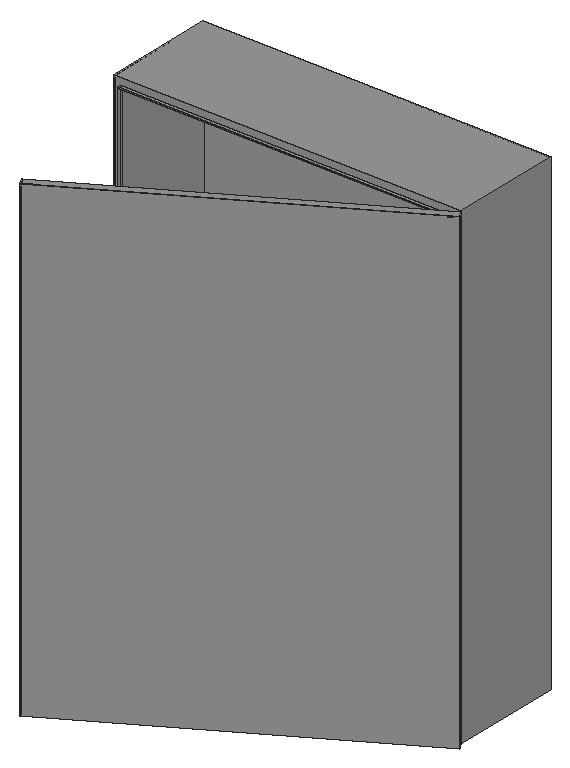
Revit family "Hager-Univers-IP55-D275-H1100-Cl.II-Steel_encl-NoHosted-AT-de", category Equipement électrique, Revit 2020
Family settings
  Configuration du panneau = Deux colonnes, circuits au sein
  Cote de connecteur circulaire = Utiliser le diamètre
  Type d'élément = Tableau de raccordement
  Basée sur le plan de construction = Oui
  Toujours verticalement = Oui
  Couper avec des vides une fois chargée = Non
  Partagée = Non
  Point de calcul de pièce = Non
Parameters (values of type "Aufputz IP55 B800 H1100 T275  - FR73S")
  Width Control [instance] = if([EF000008 - Breite] > Min Width, [EF000008 - Breite], Min Width)  # 800 mm
  Commentaires du type = [HG000003 - Bereich]  # "Univers"
  Thickness Door [instance] = if([EF009171 - Materialstärke Tür/Deckel] > 3 mm, 3 mm, [EF009171 - Materialstärke Tür/Deckel])  # 1.5 mm
  Seal Frame Offset [instance] = 17 mm  # constant formula
  Plinth Visibility [instance] = [HG000027 - Sockelhöhe] > 0 mm  # no
  Min Width [instance] = 100 mm  # constant formula
  Min Depth [instance] = (2 * [EF009170 - Materialstärke Gehäuse]) + 1 mm  # 4 mm
  Min Height [instance] = 100 mm  # constant formula
  Internal Frame Depth [instance] = (Door System Depth * 0.5)  # 9 mm
  Panel Name [instance] = ""  # (empty or 0)
  Model = ""
  HG000027 - Sockelhöhe = 0 mm
  HG000026 - Stehend auf dem Boden = no
  HG000024 - Höhe des unteren Teils = 600 mm
  HG000023 - Gehäuse mit doppeltem Querschnitt = no
  HG000016 - 3D-Türsichtbarkeit [instance] = yes
  HG000015 - Sichtbarkeit der Türöffnung [instance] = no
  HG000014 - Tür rechts [instance] = yes
  HG000013 - Tür links [instance] = not([HG000014 - Tür rechts])  # no
  HG000012 - Türschwenkwinkel [instance] = 30.00°
  HG000010 - Asymmetrische Türen = no
  HG000009 - Doppelflügeligen Tür = no
  HG000006 - Unterputz = no
  HG000004 - Herstellerreferenz = "FR73S"
  HG000003 - Bereich = "Univers"
  HG000002 - Mit tür = yes
  Frame Offset Bottom [instance] = 10 mm  # constant formula
  Frame Offset [instance] = 15 mm  # constant formula
  EF015940 - Deckel mit Überdruckentlastung = no
  EF011959 - Schutzart (NEMA) = ""
  EF009554 - Anzahl der Öffnungen für Flanschplatten = 6
  EF009212 - Ausführung Deckel = "EV000116 - geschlossen"
  EF009171 - Materialstärke Tür/Deckel = 1.5 mm
  EF009170 - Materialstärke Gehäuse = 1.5 mm
  EF008873 - Nennstrom (In) = 800 A
  EF007800 - Geeignet für Blitzschutz = no
  EF006306 - Mit Schloss = no
  EF006244 - Transparenter Deckel/Tür = no
  EF005474 - Schutzart (IP) = "EV006420 - IP55"
  EF004464 - Art der Tür = "EV002646 - Einzel"
  EF004427 - Anzahl der Module = 252
  EF004293 - Schlagfestigkeit = "EV008784 - IK10"
  EF003532 - Geeignet für Außengebrauch = no
  EF002950 - Breite in Teilungseinheiten = 24
  EF001613 - Funktionserhalt = "EV000494 - ohne"
  EF001596 - Werkstoff des Gehäuses = "EV000179 - Stahl"
  EF001131 - Innentiefe = 275 mm
  EF001088 - Anbaumöglichkeit = yes
  EF000437 - Anzahl der Leitungseinführungen = 6
  EF000339 - Art der Abdeckung = "EV004216 - Tür"
  EF000266 - Anzahl der Reihen = 7
  EF000218 - Einbautiefe = 0 mm
  EF000118 - Mit Montageplatte = no
  EF000116 - RAL-Nummer = "7035"
  EF000049 - Tiefe = 275 mm
  EF000040 - Höhe = 1100 mm
  EF000008 - Breite = 800 mm
  EF000007 - Farbe = "EV000270 - grau"
  EF000003 - Montageart = "EV000384 - Aufputz"
  Door System Leaf Tolerance [instance] = 1.5 mm  # constant formula
  Door System Depth [instance] = 18 mm  # constant formula
  Door Height [instance] = Height Control - [HG000027 - Sockelhöhe]  # 1100 mm
  Description = ""
  Default Elevation = 1219.2 mm
  Connector Offset [instance] = Height Control / 2  # 550 mm
  Fabricant = "Hager"  # constant formula
  Height Control [instance] = if([EF000040 - Höhe] > Min Height, [EF000040 - Höhe], Min Height)  # 1100 mm
  Depth Control [instance] = if([EF000049 - Tiefe] > Min Depth, [EF000049 - Tiefe], Min Depth)  # 275 mm
  Bottom Top Plate Trim [instance] = 1.5 mm  # constant formula
  Plinth height Ctrl [instance] = if([HG000027 - Sockelhöhe] > 0 mm, [HG000027 - Sockelhöhe], 12 mm)  # 12 mm
Types (5, lengths in mm): name | Width Control | HG000010 - Asymmetrische Türen | HG000009 - Doppelflügeligen Tür | HG000004 - Herstellerreferenz | EF009554 - Anzahl der Öffnungen für Flanschplatten | EF004464 - Art der Tür | EF004427 - Anzahl der Module | EF000437 - Anzahl der Leitungseinführungen | EF000008 - Breite
  Aufputz IP55 B1050 H1100 T275  - FR74S | 1050 | no | yes | "FR74S" | 8 | "EV003602 - Doppel" | 336 | 8 | 1050
  Aufputz IP55 B1300 H1100 T275  - FR75S | 1300 | yes | yes | "FR75S" | 10 | "EV003602 - Doppel" | 420 | 10 | 1300
  Aufputz IP55 B300 H1100 T275  - FR71S | 300 | no | no | "FR71S" | 2 | "EV002646 - Einzel" | 84 | 2 | 300
  Aufputz IP55 B550 H1100 T275  - FR72S | 550 | no | no | "FR72S" | 4 | "EV002646 - Einzel" | 168 | 4 | 550
  Aufputz IP55 B800 H1100 T275  - FR73S | 800 | no | no | "FR73S" | 6 | "EV002646 - Einzel" | 252 | 6 | 800
Reference planes
  plane 1 "Center (Front/Back)": y = 0
  plane 2: z = 0
  plane 3 "Center (Left/Right)": x = 0
  plane 4: y = 0
  plane 5: y = 0
  plane 6: z = 0
  plane 7: x = -400
  plane 8: x = 400
  plane 9: x = 398.5
  plane 10: x = -398.5
  plane 11: z = 0
  plane 12: z = 1.5
  plane 13: y = -275
  plane 14: y = -1.5
  plane 15: x = 0
  plane 16: y = -257
  plane 17: y = -273.5
  plane 18: y = -255.5
  plane 19: x = -383.5
  plane 20: x = 383.5
  plane 21: z = 11.5
  plane 22: x = -383
  plane 23: x = 383
  plane 24: z = 0
  plane 25: z = 1100
  plane 26: z = 1100
  plane 27: z = 1083.5
  plane 28: z = 1098.5
Forms (mm)
  Extrusion 1, solid, material "Hager_Steel_RAL7035_Light_Grey", detail levels medium+fine
    sketch origin (-208.679, -4572, 0) x (-1, 0, 0) y (0, -1, 0)
      loop
        line (191.321, -4315) -> (-608.679, -4315) -> (-608.679, -4572) -> (191.321, -4572) -> (191.321, -4315)
    from 0 to 1100
  Extrusion 2, void
    sketch origin (-350.771, -275, 1219.2) x (1, 0, 0) y (0, 0, 1)
      loop
        line (-47.729, -120.7) -> (-47.729, -1217.7) -> (749.271, -1217.7) -> (749.271, -120.7) -> (-47.729, -120.7)
    from -19.5 to -273.5
  Extrusion 3, void
    sketch origin (-290.084, -257, 1219.2) x (1, 0, 0) y (0, 0, 1)
      loop
        line (-93.416, -1207.7) -> (673.584, -1207.7) -> (673.584, -135.7) -> (-93.416, -135.7) -> (-93.416, -1207.7)
    from 0 to -1.5
  Extrusion 4, solid, material "Hager_Steel_RAL7035_Light_Grey", visible <- "Plinth Visibility", detail levels medium+fine
    sketch origin (0, 0, 0) x (1, 0, 0) y (0, 1, 0)
      loop
        line (-400, 0) -> (-400, -257) -> (400, -257) -> (400, 0) -> (-400, 0)
    from 0 to 12 <- "Plinth height Ctrl"
  Extrusion 5, solid, material "Hager_Steel_RAL7035_Light_Grey", detail levels coarse
    sketch origin (0, 0, 0) x (1, 0, 0) y (0, 1, 0)
      loop
        line (-400, 0) -> (-400, -275) -> (400, -275) -> (400, 0) -> (-400, 0)
    from 0 to 1100 <- "Height Control"
  Sweep 6, void
    path in 3D
      loop
        line (-400, -257, 12) -> (400, -257, 12) -> (400, 0, 12) -> (-400, 0, 12) -> (-400, -257, 12)
    profile origin (-400, -128.5, 12) x (1, 0, 0) y (0, 0, 1)
      loop
        line (0, 0) -> (0, -1.5) -> (1.5, -1.5)
        arc (1.5, -1.5) -> (1.061, -0.439) -> (0, 0) r 1.5
  Extrusion 7, solid, material "Hager_Steel_RAL7035_Light_Grey", detail levels fine
    sketch origin (-400, -257, 0) x (1, 0, 0) y (0, 0, 1)
      loop
        line (16.5, 11.5) -> (783.5, 11.5) -> (783.5, 1083.5) -> (16.5, 1083.5) -> (16.5, 11.5)
      loop
        line (15, 10) -> (785, 10) -> (785, 1085) -> (15, 1085) -> (15, 10)
    from 0 to 9 <- "Internal Frame Depth"
Cuts and joins
  Extrusion 2, Extrusion 3 cuts Extrusion 1
  Sweep 6 cuts Extrusion 4
Lines and regions (mm)
  Masking region 1
    outline origin (0, 0, 0) x (1, 0, 0) y (0, 1, 0)
      loop
        line (-400, 0) -> (-400, -275) -> (400, -275) -> (400, 0) -> (-400, 0)
  Masking region 2, detail levels coarse
    outline origin (-290.084, -257, 1219.2) x (-1, 0, 0) y (0, 0, 1)
      loop
        line (-690.084, -1219.2) -> (109.916, -1219.2) -> (109.916, -119.2) -> (-690.084, -119.2) -> (-690.084, -1219.2)
  Masking region 3, detail levels coarse
    outline origin (0, 0, 0) x (0, 1, 0) y (0, 0, 1)
      loop
        line (0, 0) -> (0, 1100) -> (-275, 1100) -> (-275, 0) -> (0, 0)
  Masking region 4, visible <- "Plinth Visibility", detail levels medium+fine
    outline origin (0, 0, 0) x (0, 1, 0) y (0, 0, 1)
      loop
        line (-1.5, 12) -> (-255.5, 12)
        arc (-255.5, 12) -> (-255.939, 10.939) -> (-257, 10.5) r 1.5
        line (-257, 10.5) -> (-257, 0) -> (0, 0) -> (0, 10.5)
        arc (0, 10.5) -> (-1.061, 10.939) -> (-1.5, 12) r 1.5
  Masking region 5, detail levels medium+fine
    outline origin (0, 0, 594.038) x (0, 1, 0) y (0, 0, 1)
      loop
        line (0, -594.038) -> (0, 505.962) -> (-257, 505.962) -> (-257, -594.038) -> (0, -594.038)
  Masking region 6, detail levels medium+fine
    outline origin (-359.7, -257, 1211.883) x (-1, 0, 0) y (0, 0, 1)
      loop
        line (-759.7, -1211.883) -> (40.3, -1211.883) -> (40.3, -111.883) -> (-759.7, -111.883) -> (-759.7, -1211.883)
  Masking region 7, visible <- "Plinth Visibility", detail levels medium+fine
    outline origin (-320.334, -257, 1041.368) x (-1, 0, 0) y (0, 0, 1)
      loop
        line (-720.334, -1041.368) -> (79.666, -1041.368) -> (79.666, -1030.868)
        arc (79.666, -1030.868) -> (78.606, -1030.429) -> (78.166, -1029.368) r 1.5
        line (78.166, -1029.368) -> (-718.834, -1029.368)
        arc (-718.834, -1029.368) -> (-719.273, -1030.429) -> (-720.334, -1030.868) r 1.5
        line (-720.334, -1030.868) -> (-720.334, -1041.368)
  sketch lines
    curve 1: line (-400, 0, 12) -> (-400, -257, 12)
    curve 2: line (-400, -257, 12) -> (400, -257, 12)
    curve 3: line (400, 0, 12) -> (-400, 0, 12)
    curve 4: line (400, -257, 12) -> (400, 0, 12)
Dimensions and locks
  locked: plane 1 "Center (Front/Back)" to plane 5
  "EF009170 - Materialstärke Gehäuse": plane 7 to plane 10
  "EF009170 - Materialstärke Gehäuse": plane 8 to plane 9
  equal spacing: plane 7, plane 3 "Center (Left/Right)", plane 8
  "Width Control": plane 7 to plane 8
  "Depth Control": plane 4 to plane 13
  "EF009170 - Materialstärke Gehäuse": plane 4 to plane 14
  "Height Control": plane 25 to level
  "HG000027 - Sockelhöhe": plane 11 to level
  "EF009170 - Materialstärke Gehäuse": plane 12 to plane 11
  "EF009170 - Materialstärke Gehäuse": plane 17 to plane 13
  "EF009170 - Materialstärke Gehäuse": plane 18 to plane 16
  "Frame Offset Bottom": plane 21 to plane 12
  "Frame Offset": plane 10 to plane 19
  "Frame Offset": plane 9 to plane 20
  "Door System Depth": plane 16 to plane 13
  "Seal Frame Offset": plane 7 to plane 22
  "Seal Frame Offset": plane 8 to plane 23
  "EF009170 - Materialstärke Gehäuse": plane 26 to plane 28
  "Frame Offset": plane 28 to plane 27
  "Connector Offset": plane 2 to connector elem
  "Bottom Top Plate Trim": profile plane to Sweep 6 sketch curve
  "Bottom Top Plate Trim": Sweep 6 sketch curve to Sweep 6 sketch curve
  "Plinth height Ctrl": Masking region 4 sketch curve to level
  "Plinth height Ctrl": Masking region 7 sketch curve to level
  "Thickness Door": Extrusion 7 sketch curve to Extrusion 7 sketch curve  (x4)
  "Bottom Top Plate Trim": radius of Sweep 6 sketch curve
  "Bottom Top Plate Trim": radius of Masking region 4 sketch curve  (x2)
  "Bottom Top Plate Trim": radius of Masking region 7 sketch curve  (x2)
  aligned and locked: Extrusion 2 sketch curve to plane 12
  aligned and locked: Extrusion 2 sketch curve to plane 9
  aligned and locked: Extrusion 2 sketch curve to plane 10
  aligned and locked: Extrusion 2 to plane 14
  aligned and locked: Extrusion 1 sketch curve to plane 4
  aligned and locked: plane 8 to Extrusion 1 sketch curve
  aligned and locked: plane 7 to Extrusion 1 sketch curve
  aligned and locked: Extrusion 2 to plane 18
  aligned and locked: Extrusion 3 sketch curve to plane 19
  aligned and locked: plane 20 to Extrusion 3 sketch curve
  aligned and locked: Extrusion 3 to Extrusion 2
  aligned and locked: Extrusion 3 sketch curve to plane 21
  aligned and locked: plane 3 "Center (Left/Right)" to nested 1
  aligned and locked: Extrusion 1 sketch curve to plane 16
  aligned and locked: Extrusion 4 sketch curve to cut or joined group of Extrusion 1, Extrusion 2, Extrusion 3
  aligned and locked: Masking region 1 sketch curve to plane 7
  aligned and locked: Masking region 1 sketch curve to plane 5
  aligned and locked: Masking region 1 sketch curve to plane 8
  aligned and locked: Masking region 2 sketch curve to level
  aligned and locked: level to Masking region 3 sketch curve
  aligned and locked: plane 1 "Center (Front/Back)" to Masking region 3 sketch curve
  aligned and locked: plane 13 to Masking region 3 sketch curve
  aligned and locked: plane 5 to Masking region 4 sketch curve
  aligned and locked: Masking region 2 sketch curve to plane 8
  aligned and locked: Masking region 2 sketch curve to plane 7
  aligned and locked: plane 7 to nested 2
  aligned and locked: nested 2 to plane 5
  aligned and locked: plane 5 to Masking region 5 sketch curve
  aligned and locked: plane 26 to Masking region 5 sketch curve
  aligned and locked: Extrusion 5 sketch curve to plane 8
  aligned and locked: Extrusion 5 sketch curve to plane 7
  aligned and locked: Extrusion 5 sketch curve to plane 5
  aligned and locked: Extrusion 3 sketch curve to plane 27
  aligned and locked: Extrusion 2 sketch curve to plane 28
  aligned and locked: Masking region 2 to plane 25
  aligned and locked: Extrusion 4 to plane 16
  aligned and locked: profile plane to Sweep 6 sketch curve
  aligned and locked: Masking region 5 sketch curve to plane 24
  aligned and locked: level to Masking region 4 sketch curve
  aligned and locked: Masking region 1 to plane 13
  aligned and locked: nested 1 to plane 16
  aligned and locked: Masking region 3 to plane 25
  aligned and locked: plane 16 to Masking region 4 sketch curve
  aligned and locked: Masking region 5 sketch curve to plane 16
  aligned and locked: plane 24 to plane 11
  aligned and locked: plane 26 to plane 25
  aligned and locked: plane 26 to cut or joined group of Extrusion 1, Extrusion 2, Extrusion 3
  aligned and locked: nested 1 to plane 24
  aligned and locked: Extrusion 1 to Extrusion 3
  aligned and locked: Masking region 6 sketch curve to plane 8
  aligned and locked: Masking region 6 sketch curve to plane 24
  aligned and locked: Masking region 6 sketch curve to plane 7
  aligned and locked: Masking region 6 sketch curve to plane 26
  aligned and locked: Masking region 7 sketch curve to plane 7
  aligned and locked: level to Masking region 7 sketch curve
  aligned and locked: Masking region 7 sketch curve to plane 8
  aligned and locked: Extrusion 7 sketch curve to cut or joined group of Extrusion 1, Extrusion 2, Extrusion 3  (x4)
Automatic sketch dimensions
  plane 19 to Extrusion 3 sketch curve = 0 mm
  Extrusion 3 sketch curve to plane 20 = 0 mm
  Extrusion 3 sketch curve to plane 21 = 0 mm
  Extrusion 4 sketch curve to plane 7 = 0 mm
  Extrusion 4 sketch curve to plane 8 = 0 mm
  Extrusion 4 sketch curve to plane 16 = 0 mm
  Masking region 1 sketch curve to plane 13 = 0 mm
  Masking region 2 sketch curve to plane 25 = 0 mm
  Masking region 3 sketch curve to plane 25 = 0 mm
  Extrusion 5 sketch curve to plane 13 = 0 mm
  profile plane to Sweep 6 sketch curve = 0 mm
Nested families
  nested 1: "EC000058_Univers_Door" at (0, -257, 0), Double <- "HG000009 - Doppelflügeligen Tür", Transparent <- "EF006244 - Transparenter Deckel/Tür", Angle <- "HG000012 - Türschwenkwinkel", Door_Right <- "HG000014 - Tür rechts", Assymetrical <- "HG000010 - Asymmetrische Türen", Door <- "HG000002 - Mit tür", Width_Ctrl <- "Width Control", 3d_Door <- "HG000016 - 3D-Türsichtbarkeit", Clearance <- "HG000015 - Sichtbarkeit der Türöffnung", Door_Left <- "HG000013 - Tür links", Width <- "Width Control", Door_Depth <- "Door System Depth", Leaf_Tolerance <- "Door System Leaf Tolerance", Height <- "Door Height", Lock_Visibility <- "EF006306 - Mit Schloss", Thickness <- "Thickness Door", type "EC000058_Univers_Door", detail levels medium+fine
    with min_wh 4 mm, Width_Ctrl 800 mm, Width 800 mm, Transparent no, Thickness 1.5 mm, Seal_Material Hager_Rubber, Lock_Visibility no, Lock_Material Hager_Plastic_RAL9005_Jet_Black, Leaf_Width 800 mm, Leaf_Tolerance_External_Sides 0 mm, Leaf_Tolerance 1.5 mm, Leaf_Offset 0 mm, Leaf_Height 1097 mm, Leaf_2_Width 800 mm, Leaf_2_Offset 400 mm, Leaf_1_Width 800 mm, Leaf_1_Offset 400 mm, Height_Ctrl 1100 mm, Height 1100 mm, Glass_Material Hager_Glass, Double_Clearance_Ctrl no, Double no, Door_Right_Ctrl yes, Door_Right yes, Door_Material Hager_Steel_RAL7035_Light_Grey, Door_Left_Ctrl no, Door_Left no, Door_Depth 18 mm, Door yes, Clearance_Material Hager_Clearance, Clearance_Depth 800 mm, Clearance_Ctrl no, Clearance no, Assymetrical no, Angle 30.00°, 3d_Door yes
  nested 2: "Hager_Enclosure_Symbol" at (-400, 0, 0), Height <- "Depth Control", Width <- "Width Control", type "Hager_Enclosure_Symbol"
    with Width_Ctrl 800 mm, Width 800 mm, Height_Ctrl 275 mm, Height 275 mm, A_Width_Int 18.047 mm, A_Width 216.562 mm, A_Height_Ctrl 240.625 mm, A_Height 240.625 mm
Connectors
  electrical at (0, 0, 550)
    settings: on plane 1 "Center (Front/Back)", index 1, voltage 0 V, apparent load 0 VA, apparent load phase1 0 VA, apparent load phase2 0 VA, apparent load phase3 0 VA, power factor 1, load classification "Other", number of poles 1, system type 30, power factor state 1, is connector primary yes, connector utility no, sub classification motor no, connector description ""
Definition of nested family "EC000058_Univers_Door"
  Parameters (values of type "EC000058_Univers_Door")
    min_wh [instance] = (2 * Thickness) + 1 mm  # 11 mm
    Width_Ctrl [instance] = 400 mm
    Width [instance] = 500 mm
    Transparent [instance] = yes
    Thickness [instance] = 5 mm
    Seal_Material [instance] = none
    Lock_Visibility [instance] = yes
    Lock_Material [instance] = none
    Leaf_Width [instance] = if((Width_Ctrl - 2 * Leaf_Tolerance_External_Sides) > 0 mm, (Width_Ctrl - 2 * Leaf_Tolerance_External_Sides), min_wh)  # 400 mm
    Leaf_Tolerance_External_Sides [instance] = 0 mm  # constant formula
    Leaf_Tolerance [instance] = 1.5 mm
    Leaf_Offset [instance] = 0 mm  # constant formula
    Leaf_Height [instance] = if((Height_Ctrl - 2 * Leaf_Tolerance) > 0 mm, (Height_Ctrl - 2 * Leaf_Tolerance), min_wh)  # 497 mm
    Leaf_2_Width [instance] = if(and(and(Double, Assymetrical), Door_Left), (Leaf_Width / 3) - (Leaf_Tolerance / 2), if(and(and(Double, Assymetrical), Door_Right), (Leaf_Width / 3) * 2 - (Leaf_Tolerance / 2), if(and(Double, not(Assymetrical)), (Leaf_Width / 2) - Leaf_Tolerance, Leaf_Width)))  # 400 mm
    Leaf_2_Offset [instance] = if(and(Double, Assymetrical), Leaf_2_Width / 2, if(and(Double, not(Assymetrical)), Leaf_Width / 4, Leaf_Width / 2))  # 200 mm
    Leaf_1_Width [instance] = if(and(and(Double, Assymetrical), Door_Right), (Leaf_Width / 3) - (Leaf_Tolerance / 2), if(and(and(Double, Assymetrical), Door_Left), (Width / 3) * 2 - (Leaf_Tolerance / 2), if(and(Double, not(Assymetrical)), (Leaf_Width / 2) - Leaf_Tolerance, Leaf_Width)))  # 400 mm
    Leaf_1_Offset [instance] = if(and(Double, Assymetrical), Leaf_1_Width / 2, if(and(Double, not(Assymetrical)), Leaf_Width / 4, Leaf_Width / 2))  # 200 mm
    Height_Ctrl [instance] = if(Height > min_wh, Height, min_wh)  # 500 mm
    Height [instance] = 500 mm
    Glass_Material [instance] = none
    Double_Clearance_Ctrl [instance] = and(Double, Clearance)  # no
    Double [instance] = no
    Door_Right_Ctrl [instance] = and(or(Door_Right, Double), Door)  # yes
    Door_Right [instance] = yes
    Door_Material [instance] = none
    Door_Left_Ctrl [instance] = and(or(Door_Left, Double), Door)  # no
    Door_Left [instance] = no
    Door_Depth [instance] = 30 mm
    Door [instance] = yes
    Default Elevation = 1219.2 mm
    Clearance_Material [instance] = none
    Clearance_Depth [instance] = if(Leaf_1_Width > Leaf_2_Width, Leaf_1_Width, Leaf_2_Width)  # 400 mm
    Clearance_Ctrl [instance] = and(not(Double), Clearance)  # yes
    Clearance [instance] = yes
    Assymetrical [instance] = yes
    Angle [instance] = 30.00°
    3d_Door [instance] = yes
  Reference planes
    plane 1 "Center (Front/Back)": y = 0
    plane 2 "Bottom": z = 0
    plane 3 "Center (Left/Right)": x = 0
    plane 4: z = 500
    plane 5: x = -200
    plane 6: x = 200
    plane 7: z = 500
    plane 8: x = -200
    plane 9: z = 0
    plane 10: x = 200
    plane 11: y = 0
    plane 12: z = 1.5
    plane 13: x = -600
    plane 14: y = -400
    plane 15: x = 600
    plane 16: x = 0
    plane 17: x = 0
    plane 18: x = -200
    plane 19: x = 200
    plane 20: z = 498.5
  Forms (mm)
    Extrusion 1, solid, material <- "Clearance_Material", visible <- "Double_Clearance_Ctrl"
      sketch origin (1200, 0, 0) x (1, 0, 0) y (0, 0, -1)
        loop
          line (-1800, -498.5) -> (-600, -498.5) -> (-600, 0) -> (-1800, 0) -> (-1800, -498.5)
      from 0 to -400
  Dimensions and locks
    equal spacing: plane 5, plane 3 "Center (Left/Right)", plane 6
    "Width_Ctrl": plane 5 to plane 6
    "Leaf_Offset": plane 5 to plane 8
    "Leaf_Offset": plane 6 to plane 10
    "Leaf_Offset": plane 9 to level
    "Leaf_Offset": plane 4 to plane 7
    "Height_Ctrl": plane 4 to level
    "Leaf_Tolerance": plane 12 to plane 9
    locked: plane 11 to plane 1 "Center (Front/Back)"
    "Leaf_1_Offset": plane 18 to plane 16
    "Leaf_2_Offset": plane 17 to plane 19
    "Leaf_1_Width": plane 13 to plane 8
    "Leaf_2_Width": plane 10 to plane 15
    "Clearance_Depth": plane 14 to plane 1 "Center (Front/Back)"
    "Leaf_Tolerance_External_Sides": plane 8 to plane 18
    "Leaf_Tolerance_External_Sides": plane 19 to plane 10
    "Leaf_Tolerance": plane 7 to plane 20
    aligned and locked: level to plane 2 "Bottom"
    aligned and locked: nested 1 to plane 16
    aligned and locked: nested 2 to plane 17
    aligned and locked: Extrusion 1 to plane 13
    aligned and locked: plane 15 to Extrusion 1
    aligned and locked: Extrusion 1 to plane 14
    aligned and locked: plane 12 to nested 1
    aligned and locked: nested 2 to plane 12
    aligned and locked: Extrusion 1 to plane 11
    aligned and locked: plane 20 to Extrusion 1
    aligned and locked: nested 2 to plane 11
    aligned and locked: nested 1 to plane 11
  Automatic sketch dimensions
    Extrusion 1 sketch curve to level = 0 mm
    plane 5 to Extrusion 1 sketch curve = 400 mm
    plane 6 to Extrusion 1 sketch curve = 400 mm
    Extrusion 1 sketch curve to plane 4 = 1.5 mm
  Nested families
    nested 1: "EC000058_Univers_Door_Leaf" at (0, 0, 1.5), Width <- "Leaf_1_Width", visible <- "Door_Left_Ctrl", Leaf_Height <- "Leaf_Height", Angle <- "Angle", 3d_Door <- "3d_Door", Transparent <- "Transparent", Clearance Material <- "Clearance_Material", Clearance <- "Clearance_Ctrl", Door_Material <- "Door_Material", Glass_Material <- "Glass_Material", Door_Depth <- "Door_Depth", Lock_Material <- "Lock_Material", Seal_Material <- "Seal_Material", Lock_Visibility <- "Lock_Visibility", Thickness <- "Thickness", type "EC000058_Univers_Door_Leaf"
      with Width 400 mm, Transparent_Glass_Offset 30 mm, Transparent_Ctrl yes, Transparent yes, Thickness 5 mm, Standard no, Seal_Material none, Seal_D2 8 mm, Seal_D1 1 mm, Offset_Internal_Frame 10 mm, Lock_Width 20 mm, Lock_Visibility_3d yes, Lock_Visibility yes, Lock_Thickness_3 3 mm, Lock_Thickness_2 1 mm, Lock_Thickness_1 3 mm, Lock_Radius_Offset_2 16 mm, Lock_Radius_Offset_1 15 mm, Lock_Radius_2 5 mm, Lock_Radius 6 mm, Lock_Offset 5 mm, Lock_Material none, Lock_Height 80 mm, Lock_Cover_Top_Offset_2d 17 mm, Lock_Cover_Height -65 mm, Leaf_Height 497 mm, Internal_Seal_Thickness 8 mm, Internal_Seal_Depth_2 4.5 mm, Internal_Frame_Depth 25 mm, Glass_Thickness -1 mm, Glass_Offset -2 mm, Glass_Material none, Door_Material none, Door_Depth 30 mm, Clearance Material none, Clearance yes, Angle_Ctrl 30.00°, Angle 30.00°, 3d_Door yes
    nested 2: "EC000058_Univers_Door_Leaf" at (0, 0, 1.5) x (-1, 0, 0) z (0, 0, 1), Width <- "Leaf_2_Width", visible <- "Door_Right_Ctrl", Leaf_Height <- "Leaf_Height", Angle <- "Angle", 3d_Door <- "3d_Door", Transparent <- "Transparent", Clearance Material <- "Clearance_Material", Clearance <- "Clearance_Ctrl", Door_Material <- "Door_Material", Glass_Material <- "Glass_Material", Door_Depth <- "Door_Depth", Lock_Material <- "Lock_Material", Seal_Material <- "Seal_Material", Lock_Visibility <- "Lock_Visibility", Thickness <- "Thickness", type "EC000058_Univers_Door_Leaf"
      with Width 400 mm, Transparent_Glass_Offset 30 mm, Transparent_Ctrl yes, Transparent yes, Thickness 5 mm, Standard no, Seal_Material none, Seal_D2 8 mm, Seal_D1 1 mm, Offset_Internal_Frame 10 mm, Lock_Width 20 mm, Lock_Visibility_3d yes, Lock_Visibility yes, Lock_Thickness_3 3 mm, Lock_Thickness_2 1 mm, Lock_Thickness_1 3 mm, Lock_Radius_Offset_2 16 mm, Lock_Radius_Offset_1 15 mm, Lock_Radius_2 5 mm, Lock_Radius 6 mm, Lock_Offset 5 mm, Lock_Material none, Lock_Height 80 mm, Lock_Cover_Top_Offset_2d 17 mm, Lock_Cover_Height -65 mm, Leaf_Height 497 mm, Internal_Seal_Thickness 8 mm, Internal_Seal_Depth_2 4.5 mm, Internal_Frame_Depth 25 mm, Glass_Thickness -1 mm, Glass_Offset -2 mm, Glass_Material none, Door_Material none, Door_Depth 30 mm, Clearance Material none, Clearance yes, Angle_Ctrl 30.00°, Angle 30.00°, 3d_Door yes
  Definition of nested family "EC000058_Univers_Door_Leaf"
    Parameters (values of type "EC000058_Univers_Door_Leaf")
      Width [instance] = 2000 mm
      Transparent_Glass_Offset [instance] = 30 mm
      Transparent_Ctrl [instance] = and(Transparent, [3d_Door])  # yes
      Transparent [instance] = yes
      Thickness [instance] = 5 mm
      Standard [instance] = and(not(Transparent), [3d_Door])  # no
      Seal_Material [instance] = none
      Seal_D2 [instance] = 8 mm  # constant formula
      Seal_D1 [instance] = 1 mm  # constant formula
      Offset_Internal_Frame [instance] = 10 mm  # constant formula
      Lock_Width [instance] = 20 mm  # constant formula
      Lock_Visibility_3d [instance] = and(Lock_Visibility, [3d_Door])  # yes
      Lock_Visibility [instance] = yes
      Lock_Thickness_3 [instance] = 3 mm  # constant formula
      Lock_Thickness_2 [instance] = 1 mm  # constant formula
      Lock_Thickness_1 [instance] = 3 mm  # constant formula
      Lock_Radius_Offset_2 [instance] = Lock_Radius_Offset_1 + 1 mm  # 16 mm
      Lock_Radius_Offset_1 [instance] = 15 mm  # constant formula
      Lock_Radius_2 [instance] = Lock_Radius - 1 mm  # 5 mm
      Lock_Radius [instance] = 6 mm  # constant formula
      Lock_Offset [instance] = 5 mm  # constant formula
      Lock_Material [instance] = none
      Lock_Height [instance] = 80 mm  # constant formula
      Lock_Cover_Top_Offset_2d [instance] = Lock_Radius_Offset_2 + 1 mm  # 17 mm
      Lock_Cover_Height [instance] = -(Lock_Height - Lock_Radius_Offset_1)  # -65 mm
      Leaf_Height [instance] = 2720.336 mm
      Internal_Seal_Thickness [instance] = 8 mm  # constant formula
      Internal_Seal_Depth_2 [instance] = 4.5 mm  # constant formula
      Internal_Frame_Depth [instance] = if(Door_Depth - Thickness > 5 mm, Door_Depth - Thickness, 5 mm)  # 25 mm
      Glass_Thickness [instance] = if(Thickness > 15 mm, Glass_Offset + 10 mm, -1 mm)  # -1 mm
      Glass_Offset [instance] = if(Thickness > 15 mm, -(Thickness + 10 mm) / 2, -2 mm)  # -2 mm
      Glass_Material [instance] = none
      Door_Material [instance] = none
      Door_Depth [instance] = 30 mm
      Default Elevation = 0 mm
      Clearance Material [instance] = none
      Clearance [instance] = yes
      Angle_Ctrl [instance] = if(Angle > 180.00°, 180.00°, Angle)  # 90.00°
      Angle [instance] = 90.00°
      3d_Door [instance] = yes
    Reference planes
      plane 1 "Center (Front/Back)": y = 0
      plane 2: z = 0
      plane 3 "Center (Left/Right)": x = 0
      plane 4: y = 2000
      plane 5: x = -1000
      plane 6: x = 1000
      plane 7: x = -3000
      plane 8: z = 2720.336
      plane 9: z = 30
      plane 10: z = 2690.336
      plane 11: x = 970
      plane 12: x = -970
      plane 13: y = -3
      plane 14: z = 107.833
      plane 15: y = -5
      plane 16: y = -223.314
      plane 17: x = -1000
      plane 18: z = 1360.168
      plane 19: y = 30
    Forms (mm)
      Extrusion 1, solid, material <- "Clearance Material", visible <- "Clearance"
        sketch origin (0, 0, 0) x (1, 0, 0) y (0, 0, 1)
          loop
            line (-3000, 2720.336) -> (-3000, 0) -> (1000, 0) -> (1000, 2720.336) -> (-3000, 2720.336)
        from 0 to -2000
      Extrusion 2, solid, material <- "Door_Material", visible <- "Standard", detail levels medium+fine
        sketch origin (-1000, 0, 0) x (0, 1, 0) y (-1, 0, 0)
          loop
            line (0, 30) -> (0, 25) -> (2000, 25) -> (2000, 30) -> (0, 30)
        from 0 to 2720.336 <- "Leaf_Height"
      Extrusion 3, solid, material <- "Door_Material", visible <- "Transparent_Ctrl", detail levels medium+fine
        sketch origin (-1000, 0, 0) x (0, 1, 0) y (-1, 0, 0)
          loop
            line (0, 25) -> (2000, 25) -> (2000, 30) -> (0, 30) -> (0, 25)
        from 0 to 2720.336 <- "Leaf_Height"
      Extrusion 4, void
        sketch origin (-1025, 2000, 0) x (0, 1, 0) y (0, 0, -1)
          loop
            line (-30, -2690.336) -> (-30, -30) -> (-1970, -30) -> (-1970, -2690.336) -> (-30, -2690.336)
        from 0 to 5 <- "Thickness"
      Sweep 5, solid, material <- "Seal_Material", visible <- "Transparent_Ctrl", detail levels fine
        path in 3D
          loop
            line (-1025, 30, 30) -> (-1025, 30, 2690.336) -> (-1025, 1970, 2690.336) -> (-1025, 1970, 30) -> (-1025, 30, 30)
        profile origin (-1025, 1000, 30) x (1, 0, 0) y (0, 0, 1)
          loop
            line (0, 0) -> (0, -8) -> (1, -8) -> (1, 0) -> (0, 0)
      Extrusion 6, solid, material <- "Glass_Material", visible <- "Transparent_Ctrl", detail levels medium+fine
        sketch origin (-1030, 0, 0) x (0, 1, 0) y (0, 0, -1)
          loop
            line (1970, -2690.336) -> (1970, -30) -> (30, -30) -> (30, -2690.336) -> (1970, -2690.336)
        from -2 <- "Glass_Offset" to -1 <- "Glass_Thickness"
      Extrusion 7, solid, material <- "Door_Material", visible <- "3d_Door", detail levels medium+fine
        sketch origin (-1025, 2000, 0) x (0, -1, 0) y (0, 0, -1)
          loop
            line (0, -2720.336) -> (2000, -2720.336) -> (2000, 0) -> (0, 0) -> (0, -2720.336)
          loop
            line (1995, -5) -> (5, -5) -> (5, -2715.336) -> (1995, -2715.336) -> (1995, -5)
        from 0 to 25 <- "Internal_Frame_Depth"
      Sweep 8, solid, material <- "Seal_Material", visible <- "Transparent_Ctrl", detail levels fine
        path in 3D
          loop
            line (-1025, 0, 0) -> (-1025, 2000, 0) -> (-1025, 2000, 2720.336) -> (-1025, 0, 2720.336) -> (-1025, 0, 0)
        profile origin (-1025, 0, 1360.168) x (1, 0, 0) y (0, 1, 0)
          loop
            line (0, 10) -> (2.975, 10)
            arc (2.975, 10) -> (4.053, 10.447) -> (4.5, 11.525) r 1.525
            line (4.5, 11.525) -> (4.5, 16.527)
            arc (4.5, 16.527) -> (4.069, 17.569) -> (3.027, 18) r 1.473
            line (3.027, 18) -> (0, 18) -> (0, 10)
      Extrusion 9, solid, material <- "Lock_Material", visible <- "Lock_Visibility_3d", detail levels fine
        sketch origin (-1030, 0, 0) x (0, 1, 0) y (0, 0, -1)
          loop
            arc (1993.5, -1400.168) -> (1994.561, -1399.729) -> (1995, -1398.668) r 1.5
            line (1995, -1398.668) -> (1995, -1320.168) -> (1975, -1320.168) -> (1975, -1398.668)
            arc (1975, -1398.668) -> (1975.439, -1399.729) -> (1976.5, -1400.168) r 1.5
            line (1976.5, -1400.168) -> (1993.5, -1400.168)
        from 3 <- "Lock_Thickness_1" to 0
      Blend 10, solid, material <- "Lock_Material", visible <- "Lock_Visibility_3d", detail levels fine
        base sketch origin (-1033, 0, 0) x (0, 1, 0) y (0, 0, -1)
          loop
            line (1975, -1320.168) -> (1975, -1398.668)
            arc (1975, -1398.668) -> (1975.439, -1399.729) -> (1976.5, -1400.168) r 1.5
            line (1976.5, -1400.168) -> (1993.5, -1400.168)
            arc (1993.5, -1400.168) -> (1994.561, -1399.729) -> (1995, -1398.668) r 1.5
            line (1995, -1398.668) -> (1995, -1320.168) -> (1975, -1320.168)
        top sketch origin (-1033, 0, 0) x (0, 1, 0) y (0, 0, -1)
          loop
            line (1976, -1320.168) -> (1976, -1398.668)
            arc (1976, -1398.668) -> (1976.146, -1399.022) -> (1976.5, -1399.168) r 0.5
            line (1976.5, -1399.168) -> (1993.5, -1399.168)
            arc (1993.5, -1399.168) -> (1993.854, -1399.022) -> (1994, -1398.668) r 0.5
            line (1994, -1398.668) -> (1994, -1320.168) -> (1976, -1320.168)
        from 0 to 1 <- "Lock_Thickness_2"
      Blend 11, solid, material <- "Lock_Material", visible <- "Lock_Visibility_3d", detail levels fine
        base sketch origin (-1034, 0, 0) x (0, 1, 0) y (0, 0, -1)
          loop
            line (1978, -1320.168) -> (1978, -1384.168)
            arc (1978, -1384.168) -> (1985, -1391.168) -> (1992, -1384.168) r 7
            line (1992, -1384.168) -> (1992, -1320.168) -> (1978, -1320.168)
        top sketch origin (-1034, 0, 0) x (0, 1, 0) y (0, 0, -1)
          loop
            line (1991, -1320.168) -> (1979, -1320.168) -> (1979, -1383.168)
            arc (1979, -1383.168) -> (1985, -1389.168) -> (1991, -1383.168) r 6
            line (1991, -1383.168) -> (1991, -1320.168)
        from 0 to 3 <- "Lock_Thickness_3"
      Extrusion 12, solid, material <- "Lock_Material", visible <- "Lock_Visibility_3d", detail levels fine
        sketch origin (-1030, 1975, 1320.168) x (1, 0, 0) y (0, -1, 0)
          loop
            line (-7, -19) -> (-7, -1) -> (0, -1) -> (0, 0) -> (-8, 0) -> (-8, -20) -> (0, -20) -> (0, -19) -> (-7, -19)
        from 0 to -65 <- "Lock_Cover_Height"
      Extrusion 13, void
        sketch origin (-1038, 1995, 1320.168) x (-1, 0, 0) y (0, 0, -1)
          loop
            line (-5, -65) -> (0, -65) -> (-5, -60) -> (-5, -65)
        from 0 to 20 <- "Lock_Width"
      Extrusion 14, void
        sketch origin (-1038, 1975, 1320.168) x (0, -1, 0) y (0, 0, -1)
          loop
            circle (-10, -15.995) r 6
          loop
            circle (-10, -15.995) r 5
        from 0 to 2
      Extrusion 15, solid, material <- "Lock_Material", visible <- "Lock_Visibility_3d", detail levels medium
        sketch origin (-1030, 0, 0) x (0, 1, 0) y (0, 0, -1)
          loop
            arc (1993.5, -1400.168) -> (1994.561, -1399.729) -> (1995, -1398.668) r 1.5
            line (1995, -1398.668) -> (1995, -1320.168) -> (1975, -1320.168) -> (1975, -1398.668)
            arc (1975, -1398.668) -> (1975.439, -1399.729) -> (1976.5, -1400.168) r 1.5
            line (1976.5, -1400.168) -> (1993.5, -1400.168)
        from 8 to 0
    Cuts and joins
      Extrusion 4 cuts Extrusion 3
      Extrusion 13, Extrusion 14 cuts Extrusion 9
      Extrusion 14 cuts Blend 11
      Extrusion 13, Extrusion 14 cuts Extrusion 12
      joined: Extrusion 9, Blend 10, Blend 11, Extrusion 12
      Extrusion 14 cuts Extrusion 15
    Lines and regions (mm)
      Masking region 1, visible <- "Lock_Visibility", detail levels fine
        outline origin (0, 0, 0) x (0, 1, 0) y (0, 0, 1)
          loop
            line (30, 1320.168) -> (33, 1320.168) -> (33, 1400.168) -> (30, 1400.168) -> (30, 1320.168)
      Masking region 2, visible <- "Lock_Visibility", detail levels fine
        outline origin (0, 3.143, 0) x (0, 1, 0) y (0, 0, 1)
          loop
            line (29.857, 1354.168) -> (30.857, 1354.168) -> (30.857, 1366.168) -> (29.857, 1366.168) -> (29.857, 1354.168)
      Masking region 3, detail levels medium+fine
        outline origin (0, 0, 0) x (0, 1, 0) y (0, 0, 1)
          loop
            line (0, 0) -> (30, 0) -> (30, 2720.336) -> (0, 2720.336) -> (0, 0)
      Masking region 4, detail levels medium+fine
        outline origin (0, 0, 0) x (1, 0, 0) y (0, 0, 1)
          loop
            line (-1000, 2720.336) -> (-1000, 0) -> (1000, 0) -> (1000, 2720.336) -> (-1000, 2720.336)
      Masking region 5, visible <- "Lock_Visibility", detail levels fine
        outline origin (-47.116, 0, 0) x (1, 0, 0) y (0, 0, 1)
          loop
            arc (1024.616, 1399.168) -> (1023.556, 1398.729) -> (1023.116, 1397.668) r 1.5
            line (1023.116, 1397.668) -> (1023.116, 1320.168) -> (1041.116, 1320.168) -> (1041.116, 1397.668)
            arc (1041.116, 1397.668) -> (1040.677, 1398.729) -> (1039.616, 1399.168) r 1.5
            line (1039.616, 1399.168) -> (1024.616, 1399.168)
      Masking region 6, visible <- "Lock_Visibility", detail levels medium+fine
        outline origin (-25, 0, 0) x (1, 0, 0) y (0, 0, 1)
          loop
            arc (1001.5, 1400.168) -> (1000.439, 1399.729) -> (1000, 1398.668) r 1.5
            line (1000, 1398.668) -> (1000, 1320.168) -> (1020, 1320.168) -> (1020, 1398.668)
            arc (1020, 1398.668) -> (1019.561, 1399.729) -> (1018.5, 1400.168) r 1.5
            line (1018.5, 1400.168) -> (1001.5, 1400.168)
      Masking region 7, visible <- "Lock_Visibility", detail levels fine
        outline origin (-73.735, 0, 0) x (1, 0, 0) y (0, 0, 1)
          loop
            line (1051.735, 1382.168) -> (1065.735, 1382.168) -> (1065.735, 1384.168)
            arc (1065.735, 1384.168) -> (1058.735, 1391.168) -> (1051.735, 1384.168) r 7
            line (1051.735, 1384.168) -> (1051.735, 1382.168)
      Masking region 8, visible <- "Lock_Visibility", detail levels fine
        outline origin (-73.735, 0, 0) x (1, 0, 0) y (0, 0, 1)
          loop
            line (1052.735, 1382.168) -> (1064.735, 1382.168) -> (1064.735, 1383.168)
            arc (1064.735, 1383.168) -> (1058.735, 1389.168) -> (1052.735, 1383.168) r 6
            line (1052.735, 1383.168) -> (1052.735, 1382.168)
      Masking region 9, visible <- "Lock_Visibility", detail levels fine
        outline origin (-25, 0, 0) x (1, 0, 0) y (0, 0, 1)
          loop
            line (1020, 1320.168) -> (1020, 1382.168) -> (1000, 1382.168) -> (1000, 1320.168) -> (1020, 1320.168)
      Masking region 10, detail levels medium+fine
        outline origin (0, 0, 0) x (1, 0, 0) y (0, 0, 1)
          loop
            circle (985, 1335.144) r 6
      Masking region 11, detail levels fine
        outline origin (0, 0, 0) x (1, 0, 0) y (0, 0, 1)
          loop
            circle (985, 1335.144) r 5
      Masking region 12, visible <- "Lock_Visibility", detail levels fine
        outline origin (0, 12.767, 0) x (0, 1, 0) y (0, 0, 1)
          loop
            line (20.233, 1320.168) -> (21.233, 1320.168) -> (21.233, 1399.168) -> (20.233, 1400.168) -> (20.233, 1320.168)
      Masking region 13, visible <- "Lock_Visibility", detail levels fine
        outline origin (0, 13.767, -10) x (0, 1, 0) y (0, 0, 1)
          loop
            line (20.233, 1330.168) -> (23.233, 1330.168) -> (23.233, 1399.168) -> (20.233, 1402.168) -> (20.233, 1330.168)
      Masking region 14, visible <- "Lock_Visibility", detail levels fine
        outline origin (0, 12.767, -10) x (0, 1, 0) y (0, 0, 1)
          loop
            line (20.233, 1330.168) -> (25.233, 1330.168) -> (25.233, 1399.305) -> (20.233, 1394.305) -> (20.233, 1330.168)
      Masking region 15, visible <- "Lock_Visibility", detail levels medium
        outline origin (0, 0, 0) x (0, 1, 0) y (0, 0, 1)
          loop
            line (30, 1320.168) -> (38, 1320.168) -> (38, 1400.168) -> (30, 1400.168) -> (30, 1320.168)
      Masking region 16, visible <- "Lock_Visibility", detail levels fine
        outline origin (-1000, 0, 0) x (0, 1, 0) y (-1, 0, 0)
          loop
            line (1975, 30) -> (1995, 30) -> (1995, 38) -> (1975, 38) -> (1975, 30)
          loop
            line (1979, 37) -> (1976, 37) -> (1976, 34) -> (1978, 34) -> (1979, 37)
          loop
            line (1994, 37) -> (1991, 37) -> (1992, 34) -> (1994, 34) -> (1994, 37)
      Masking region 17, visible <- "Lock_Visibility", detail levels medium
        outline origin (-1000, 0, 0) x (0, 1, 0) y (-1, 0, 0)
          loop
            line (1975, 30) -> (1995, 30) -> (1995, 38) -> (1975, 38) -> (1975, 30)
      symbolic lines
        curve 1: line (1000, 0, 0) -> (-3000, 0, 0)
        curve 2: arc (1000, 0, 0) -> (-1000, 2000, 0) -> (-3000, 0, 0) r 2000
        curve 4: line (-1030, 0, 0) -> (-1030, 2000, 0)
      reference lines
        curve 3: line (-1000, 0, 0) -> (-1000, 2000, 0)
      symbolic lines, detail levels medium+fine
        curve 5: line (-1030, 2000, 0) -> (-1025, 2000, 0)
        curve 7: line (-1025, 0, 0) -> (-1030, 0, 0)
        curve 8: line (-1025, 0, 0) -> (-1000, 0, 0)
        curve 9: line (-1000, 0, 0) -> (-1000, 2000, 0)
        curve 10: line (-1000, 2000, 0) -> (-1025, 2000, 0)
      symbolic lines, detail levels fine
        curve 6: line (-1025, 2000, 0) -> (-1025, 0, 0)
      sketch lines
        curve 11: line (-1025, 0, 2720.336) -> (-1025, 0, 0)
        curve 12: line (-1025, 2000, 0) -> (-1025, 0, 0)
        curve 13: line (-1025, 2000, 2720.336) -> (-1025, 2000, 0)
        curve 14: line (-1025, 0, 2720.336) -> (-1025, 2000, 2720.336)
        curve 15: line (-1025, 1970, 30) -> (-1025, 30, 30)
        curve 16: line (-1025, 30, 30) -> (-1025, 30, 2690.336)
        curve 17: line (-1025, 1970, 2690.336) -> (-1025, 1970, 30)
        curve 18: line (-1025, 30, 2690.336) -> (-1025, 1970, 2690.336)
      symbolic lines, visible <- "Transparent", detail levels medium+fine
        curve 19: line (-970, 0, 2690.336) -> (970, 0, 2690.336)
        curve 20: line (-970, 0, 30) -> (-970, 0, 2690.336)
        curve 21: line (970, 0, 30) -> (-970, 0, 30)
        curve 22: line (970, 0, 2690.336) -> (970, 0, 30)
    Dimensions and locks
      "Width": plane 1 "Center (Front/Back)" to plane 4
      equal spacing: plane 5, plane 3 "Center (Left/Right)", plane 6
      "Width": plane 5 to plane 6
      "Width": plane 7 to plane 5
      "Leaf_Height": plane 8 to level
      "Width": curve 5 to curve 3
      "Width": curve 3 to curve 3
      plane 8 to plane 10 = 30 mm
      plane 9 to level = 30 mm
      plane 12 to plane 5 = 30 mm
      plane 6 to plane 11 = 30 mm
      Extrusion 1 to Extrusion 4 sketch curve = 30 mm
      "Transparent_Glass_Offset": curve 3 to Extrusion 4 sketch curve
      "Transparent_Glass_Offset": Extrusion 4 sketch curve to cut or joined group of Extrusion 3, Extrusion 4  (x2)
      cut or joined group of Extrusion 3, Extrusion 4 to Extrusion 6 sketch curve = 30 mm
      "Transparent_Glass_Offset": cut or joined group of Extrusion 3, Extrusion 4 to Extrusion 4 sketch curve
      "Thickness": curve 6 to curve 4
      "Thickness": Extrusion 7 sketch curve to Extrusion 7 sketch curve  (x4)
      "Door_Depth": curve 4 to curve 3
      "Offset_Internal_Frame": profile plane to Sweep 8 sketch curve
      "Internal_Seal_Thickness": Sweep 8 sketch curve to Sweep 8 sketch curve
      "Internal_Seal_Depth_2": profile plane to Sweep 8 sketch curve
      "Seal_D1": profile plane to Sweep 5 sketch curve
      "Seal_D2": profile plane to Sweep 5 sketch curve
      "Thickness": Extrusion 2 sketch curve to Extrusion 2 sketch curve
      equal spacing: Extrusion 9 sketch curve, plane 18, Extrusion 9 sketch curve  (x2)
      equal spacing: Masking region 1 sketch curve, plane 18, Masking region 1 sketch curve
      "Lock_Height": Masking region 1 sketch curve to Masking region 1 sketch curve
      "Lock_Radius": Masking region 2 sketch curve to plane 18 to Masking region 2 sketch curve
      Masking region 2 sketch curve to Masking region 1 = 1 mm
      "Door_Depth": plane 19 to plane 1 "Center (Front/Back)"
      "Lock_Thickness_1": Masking region 1 sketch curve to plane 19
      "Lock_Width": Extrusion 9 sketch curve to Extrusion 9 sketch curve
      "Lock_Height": Extrusion 9 sketch curve to Extrusion 9 sketch curve
      "Lock_Offset": cut or joined group of Extrusion 3, Extrusion 4 to Extrusion 9 sketch curve
      equal spacing: plane 8, plane 18, level
      "Lock_Radius_Offset_1": Blend 11 sketch curve to Blend 10
      locked: Blend 10 to Blend 11 sketch curve at 2  (x2)
      locked: var sketch to Blend 11 sketch curve at 1  (x2)
      "Lock_Radius_Offset_2": Blend 11 sketch curve to Blend 10
      locked: Extrusion 12 sketch curve to Extrusion 12 sketch curve at 1  (x3)
      Masking region 6 sketch curve to Masking region 6 sketch curve = 80 mm
      "Lock_Height": Masking region 6 sketch curve to Masking region 6 sketch curve
      "Lock_Width": Masking region 6 sketch curve to Masking region 6 sketch curve
      locked: Masking region 6 to Masking region 5 sketch curve at 1  (x3)
      locked: Masking region 5 to Masking region 7 sketch curve at 2  (x2)
      "Lock_Radius_Offset_1": Masking region 5 to Masking region 7 sketch curve
      "Lock_Radius_Offset_2": Masking region 5 to Masking region 8 sketch curve
      locked: Masking region 7 to Masking region 8 sketch curve at 1  (x2)
      "Lock_Cover_Top_Offset_2d": Masking region 5 to Masking region 9 sketch curve
      equal spacing: Masking region 9, Masking region 10 sketch curve, Masking region 9
      equal spacing: Masking region 9, Masking region 11 sketch curve, Masking region 9
      Extrusion 15 sketch curve to Extrusion 15 sketch curve = 80 mm
      "Lock_Width": Extrusion 15 sketch curve to Extrusion 15 sketch curve
      "Lock_Height": Extrusion 15 sketch curve to Extrusion 15 sketch curve
      equal spacing: Extrusion 15 sketch curve, plane 18, Extrusion 15 sketch curve
      "Lock_Thickness_3": Masking region 13 sketch curve to Masking region 13 sketch curve
      "Lock_Height": Masking region 12 sketch curve to Masking region 12 sketch curve
      locked: Masking region 13 sketch curve to Masking region 1 at 8
      locked: Masking region 14 sketch curve to Masking region 13 at 1
      locked: Masking region 14 sketch curve to Masking region 1 at 10.863
      "Lock_Height": Masking region 15 sketch curve to Masking region 15 sketch curve
      "Lock_Offset": Extrusion 15 sketch curve to cut or joined group of Extrusion 3, Extrusion 4
      "Lock_Offset": plane 6 to Masking region 6 sketch curve
      radius of Sweep 8 sketch curve = 1.525 mm
      radius of Sweep 8 sketch curve = 1.473 mm
      radius of Extrusion 9 sketch curve = 1.5 mm  (x2)
      "Lock_Radius": radius of Extrusion 14 sketch curve
      "Lock_Radius_2": radius of Extrusion 14 sketch curve
      "Lock_Radius": radius of Masking region 10 sketch curve
      "Lock_Radius_2": radius of Masking region 11 sketch curve
      radius of Extrusion 15 sketch curve = 1.5 mm  (x2)
      "Angle_Ctrl": angle plane 1 "Center (Front/Back)" to curve 3
      locked: Masking region 12 sketch curve to Masking region 12 sketch curve (angle 45.00°)
      locked: Masking region 13 sketch curve to Masking region 13 sketch curve (angle 45.00°)
      locked: Masking region 14 sketch curve to Masking region 14 sketch curve (angle 45.00°)
      aligned and locked: level to plane 2
      aligned and locked: Extrusion 1 to curve 1
      aligned and locked: plane 6 to Extrusion 1
      aligned and locked: Extrusion 1 to plane 1 "Center (Front/Back)"
      aligned and locked: plane 4 to Extrusion 1
      aligned and locked: plane 8 to Extrusion 1
      aligned and locked: curve 7 to Extrusion 2 sketch curve
      aligned and locked: curve 5 to Extrusion 2 sketch curve
      aligned and locked: curve 7 to Extrusion 3 sketch curve
      aligned and locked: Extrusion 3 sketch curve to curve 4
      aligned and locked: Extrusion 3 sketch curve to curve 6
      aligned and locked: Extrusion 3 sketch curve to curve 5
      aligned and locked: curve 9 to curve 3
      aligned and locked: Extrusion 7 sketch curve to cut or joined group of Extrusion 3, Extrusion 4  (x4)
      aligned and locked: plane 17 to curve 3
      aligned and locked: plane 1 "Center (Front/Back)" to curve 3
      aligned and locked: plane 17 to plane 5
      aligned and locked: Sweep 8 sketch curve to profile plane
      aligned and locked: Sweep 5 sketch curve to profile plane  (x2)
      aligned and locked: Masking region 1 to Masking region 2 sketch curve
      aligned and locked: plane 19 to Masking region 1 sketch curve
      aligned and locked: plane 1 "Center (Front/Back)" to Masking region 3 sketch curve
      aligned and locked: plane 19 to Masking region 3 sketch curve
      aligned and locked: level to Masking region 3 sketch curve
      aligned and locked: Masking region 3 sketch curve to plane 8
      aligned and locked: plane 17 to Masking region 4 sketch curve
      aligned and locked: level to Masking region 4 sketch curve
      aligned and locked: Masking region 4 sketch curve to plane 8
      aligned and locked: plane 12 to curve 20
      aligned and locked: plane 10 to curve 19
      aligned and locked: plane 11 to curve 22
      aligned and locked: curve 21 to plane 9
      aligned and locked: Extrusion 2 sketch curve to cut or joined group of Extrusion 3, Extrusion 4
      aligned and locked: Blend 10 sketch curve to Extrusion 9  (x4)
      aligned and locked: Extrusion 9 to Blend 10 sketch curve
      aligned and locked: Blend 10 to Blend 11 sketch curve
      aligned and locked: Extrusion 12 sketch curve to Blend 11
      aligned and locked: Extrusion 12 sketch curve to Extrusion 9  (x4)
      aligned and locked: Masking region 5 sketch curve to Masking region 6
      aligned and locked: Masking region 9 sketch curve to Masking region 6  (x3)
      aligned and locked: Masking region 12 sketch curve to Masking region 1
      aligned and locked: Masking region 13 sketch curve to Masking region 1
      aligned and locked: Masking region 12 to Masking region 14
      aligned and locked: Masking region 14 sketch curve to Masking region 1
      aligned and locked: Masking region 15 sketch curve to Masking region 14
      aligned and locked: Masking region 13 sketch curve to Masking region 12
      aligned and locked: Masking region 16 sketch curve to cut or joined group of Extrusion 14, Extrusion 15  (x4)
      aligned and locked: Masking region 16 sketch curve to cut or joined group of Extrusion 9, Blend 10, Blend 11, Extrusion 12, Extrusion 13, Extrusion 14  (x6)
      aligned and locked: cut or joined group of Extrusion 9, Blend 10, Blend 11, Extrusion 12, Extrusion 13, Extrusion 14 to Masking region 16 sketch curve
      aligned and locked: Masking region 17 sketch curve to cut or joined group of Extrusion 14, Extrusion 15  (x3)
      aligned and locked: Masking region 17 sketch curve to cut or joined group of Extrusion 9, Blend 10, Blend 11, Extrusion 12, Extrusion 13, Extrusion 14
      aligned and locked: Masking region 9 to Masking region 8 sketch curve
      aligned and locked: Masking region 9 to Masking region 7 sketch curve
    Automatic sketch dimensions
      plane 1 "Center (Front/Back)" to curve 2 = 0 mm
      curve 2 to plane 5 = 0 mm
      Extrusion 1 sketch curve to level = 0 mm
      Extrusion 1 sketch curve to plane 7 = 0 mm
      Extrusion 1 sketch curve to plane 6 = 0 mm
      Extrusion 1 sketch curve to plane 8 = 0 mm
      Extrusion 3 to Extrusion 6 sketch curve = 30 mm  (x4)
      Masking region 4 sketch curve to plane 6 = 0 mm
      Blend 10 sketch curve to Extrusion 9 = 1.5 mm
      Blend 10 sketch curve to Extrusion 9 = 1 mm
      Extrusion 13 sketch curve to Extrusion 12 = 0 mm  (x2)
      Extrusion 12 to Extrusion 13 sketch curve = 3 mm
      Extrusion 13 sketch curve to Extrusion 12 = 5 mm
      Extrusion 14 sketch curve to Extrusion 14 sketch curve = 0 mm  (x2)
      Extrusion 14 sketch curve to Extrusion 12 = 10 mm
      Extrusion 14 sketch curve to Extrusion 12 = 15.995 mm
      Masking region 5 sketch curve to Masking region 5 sketch curve = 1.5 mm  (x2)
      Masking region 10 sketch curve to plane 18 = 25.024 mm
      Masking region 11 sketch curve to plane 18 = 25.024 mm
      plane 19 to Masking region 14 sketch curve = 3 mm
      Masking region 16 sketch curve to Masking region 16 sketch curve = 3 mm
      curve 4 to curve 3 = 0 mm
      Blend 10 to Blend 11 sketch curve = 0 mm
      Masking region 6 sketch curve to Masking region 6 sketch curve = 1.5 mm  (x2)
      Masking region 6 sketch curve to plane 18 = 40 mm
      plane 19 to Masking region 12 sketch curve = 3 mm
      Masking region 12 sketch curve to Masking region 12 sketch curve = 1 mm
      Masking region 15 sketch curve to plane 19 = 0 mm
      Masking region 15 sketch curve to plane 18 = 40 mm
      radius of Blend 10 sketch curve to Extrusion 9 = 1 mm
Definition of nested family "Hager_Enclosure_Symbol"
  Parameters (values of type "Hager_Enclosure_Symbol")
    Width_Ctrl [instance] = if(Width > 1 mm, Width, 1 mm)  # 102.27 mm
    Width [instance] = 102.27 mm
    Height_Ctrl [instance] = if(Height > 1 mm, Height, 1 mm)  # 66.5 mm
    A_Width_Int [instance] = if(A_Width / 12 > 2 mm, A_Width / 12, 2 mm)  # 4.364 mm
    A_Width [instance] = if(A_Height_Ctrl * 0.9 > 2 mm, A_Height_Ctrl * 0.9, 2 mm)  # 52.369 mm
    A_Height_Ctrl [instance] = if(A_Height > 2 mm, A_Height, 2 mm)  # 58.188 mm
    Height [instance] = 66.5 mm
    A_Height [instance] = Height - (Height / 8)  # 58.188 mm
  Reference planes
    plane 1 "Centre (avant/arrière)": y = 0
    plane 2: z = 0
    plane 3 "Centre (gauche/droite)": x = 0
    plane 4: x = 52.369
    plane 5: y = 33.042
    plane 6: y = 41.77
    plane 7: y = 66.5
    plane 8: x = 26.184
    plane 9: y = 37.406
    plane 10: x = 102.27
    plane 11: y = 66.5
    plane 12: y = 8.313
  Lines and regions (mm)
    Filled region 1, type "Solid_Black", in view "Niveau de réf."
      outline origin (0, 0, 0) x (1, 0, 0) y (0, 1, 0)
        loop
          line (52.369, 66.5) -> (33.188, 54.536) -> (45.365, 45.006) -> (52.369, 66.5)
    Filled region 2, type "Solid_Black", in view "Niveau de réf."
      outline origin (0, 0, 0) x (1, 0, 0) y (0, 1, 0)
        loop
          line (0, 0) -> (102.27, 0) -> (102.27, 66.5) -> (0, 0)
    detail lines, in view "Niveau de réf."
      curve 1: line (0, 8.313, 0) -> (26.184, 41.77, 0)
      curve 2: line (26.184, 41.77, 0) -> (26.184, 33.042, 0)
      curve 3: line (26.184, 33.042, 0) -> (52.369, 66.5, 0)
  Dimensions and locks
    "A_Width": plane 3 "Centre (gauche/droite)" to plane 4
    equal spacing: plane 3 "Centre (gauche/droite)", plane 8, plane 4
    equal spacing: plane 6, plane 9, plane 5
    equal spacing: curve 3, Filled region 1 sketch curve, Filled region 1 sketch curve
    "Height_Ctrl": plane 1 "Centre (avant/arrière)" to plane 11
    "A_Height_Ctrl": plane 11 to plane 12
    equal spacing: plane 11, plane 9, plane 12
    "A_Width_Int": plane 6 to plane 9
    "Width_Ctrl": plane 3 "Centre (gauche/droite)" to plane 10
    angle Filled region 1 sketch curve to curve 3 = 20.00°
    angle curve 3 to Filled region 1 sketch curve = 20.00°
    locked: curve 3 to Filled region 1 sketch curve (angle 90.00°)
    aligned and locked: plane 10 to Filled region 2
    aligned and locked: plane 11 to Filled region 2 sketch curve
    aligned and locked: plane 10 to Filled region 2 sketch curve
    aligned and locked: plane 3 "Centre (gauche/droite)" to curve 1
    aligned and locked: plane 12 to curve 1
    aligned and locked: plane 7 to plane 11
  Automatic sketch dimensions
    Filled region 1 sketch curve to plane 4 = 0 mm
    Filled region 1 sketch curve to plane 7 = 0 mm
    plane 1 "Centre (avant/arrière)" to Filled region 2 sketch curve = 0 mm
    Filled region 2 sketch curve to plane 3 "Centre (gauche/droite)" = 0 mm
    curve 2 to plane 6 = 0 mm
    curve 2 to plane 8 = 0 mm
    curve 3 to plane 4 = 0 mm
    curve 2 to plane 5 = 0 mm
    curve 3 to plane 7 = 0 mm
